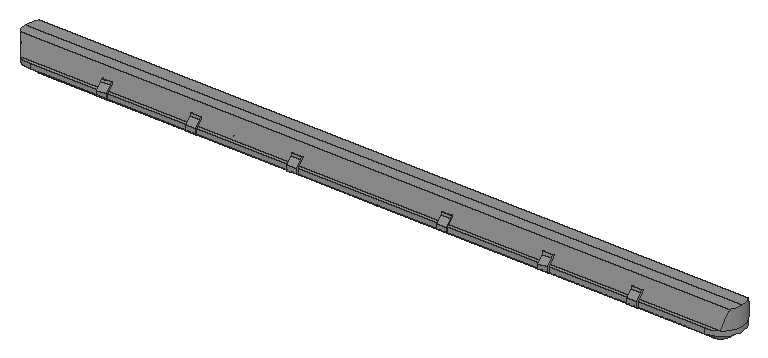
Revit family "ДСП-01 60 Вт 1500", category Осветительные приборы, Revit 2019 (continued)
Parameters (values of type "ДСП-01-ПП-60-1500-4К-IP65")
    7 4.8 4.8 4.8 4.7 4.8 4.8 4.8 4.8 4.8 4.8 4.8\r\n291.7 291.5 291.2 290.8 290.3 289.7 289 288.2 287.3 286.3 285.2 284 282.7 281.4 279.9 278.4 276.7 275 273.1 271.2 269.2 267.2 265 262.8 260.4 258.1 255.5 253 250.3 247.6 244.7 241.9 238.9 236 232.9 229.9 226.7 223.5 220.2 216.9 213.4 209.9 206.3 202.7 198.9 195.1 191.1 187.3 183.3 179.3 175.3 171.4 167.3 163.3 159.3 155.3 151.2 147.2 143.2 139.1 135 130.8 126.7 122.6 118.4 114.3 110.4 106.3 102.4 98.5 94.7 90.9 87.2 83.4 79.7 76.1 72.5 68.9 65.5 61.9 58.5 55 51.6 48.2 45 41.9 39 36.1 33.1 30.2 27.3 24.2 20.9 17.9 16.1 15.1 14.6 13.9 13.2 12.3 11.5 10.7 9.9 9.2 8.6 8 7.4 6.9 6.3 5.9 5.5 5.1 4.8 4.7 4.6 4.5 4.5 4.5 4.5 4.5 4.5 4.5 4.5 4.5 4.5 4.5 4.5 4.5 4.5 4.6 4.5 4.5 4.6 4.6 4.6 4.6 4.6 4.6 4.6 4.6 4.6 4.6 4.6 4.7 4.7 4.7 4.7 4.7 4.7 4.7 4.7 4.7 4.7 4.7 4.7 4.7 4.8 4.8 4.8 4.7 2.4\r\n291.8 291.5 291.2 290.8 290.3 289.7 289 288.2 287.3 286.3 285.2 284 282.7 281.3 279.9 278.4 276.6 274.9 273.1 271.2 269.2 267.1 265 262.7 260.4 258.1 255.5 252.9 250.2 247.5 244.6 241.8 238.8 235.9 232.9 229.8 226.6 223.4 220.1 216.8 213.2 209.7 206 202.4 198.6 194.8 190.8 186.9 182.8 178.9 174.7 170.7 166.6 162.5 158.5 154.4 150.3 146.1 142.1 137.9 133.8 129.6 125.4 121.2 117 112.7 108.6 104.5 100.5 96.6 92.7 88.8 85 81.2 77.5 73.8 70.2 66.5 63 59.5 56 52.6 49.2 45.7 42.5 39.4 36.5 33.6 30.6 27.7 24.8 21.7 18.3 15.6 14.1 13.4 13 12.3 11.5 10.8 10 9.3 8.7 8.1 7.6 7.1 6.5 6 5.6 5.2 4.9 4.6 4.5 4.5 4.5 4.4 4.5 4.5 4.5 4.5 4.5 4.5 4.5 4.5 4.5 4.5 4.5 4.5 4.5 4.5 4.5 4.5 4.5 4.5 4.5 4.5 4.5 4.5 4.6 4.6 4.6 4.6 4.6 4.6 4.6 4.6 4.6 4.6 4.6 4.7 4.7 4.7 4.7 4.7 4.7 4.7 4.7 4.7 4.7 4.7 0\r\n291.8 291.5 291.2 290.8 290.2 289.6 288.9 288 287.1 286.1 284.9 283.7 282.4 281 279.5 278 276.2 274.5 272.6 270.7 268.6 266.5 264.3 262 259.7 257.3 254.7 252.1 249.4 246.7 243.8 241 237.9 234.9 231.8 228.7 225.5 222.3 218.9 215.6 212 208.4 204.6 200.9 196.9 193 189 185.2 181.1 177.2 173.2 169.2 165.1 161 156.8 152.7 148.4 144.2 140.1 135.8 131.7 127.5 123.3 119 114.8 110.4 106.2 102 97.9 93.8 89.8 85.9 82 78.1 74.3 70.5 66.9 63.2 59.7 56.2 52.7 49.3 45.9 42.5 39.2 36.1 33.3 30.3 27.4 24.5 21.7 18.8 15.8 13.4 12.3 11.8 11.3 10.6 10 9.3 8.7 8.1 7.6 7.1 6.6 6.1 5.7 5.3 5 4.8 4.6 4.5 4.4 4.4 4.4 4.4 4.4 4.4 4.5 4.4 4.4 4.4 4.4 4.4 4.4 4.4 4.5 4.4 4.4 4.5 4.4 4.5 4.5 4.5 4.5 4.5 4.5 4.5 4.6 4.5 4.6 4.6 4.6 4.6 4.6 4.6 4.6 4.6 4.6 4.6 4.6 4.7 4.6 4.7 4.7 4.7 4.7 4.7 4.7 4.7 2.4\r\n291.7 291.5 291.1 290.7 290.1 289.4 288.7 287.8 286.9 285.8 284.7 283.4 282 280.6 279.1 277.5 275.8 274 272.1 270.2 268.1 265.9 263.7 261.4 259 256.5 254 251.4 248.6 245.8 242.9 240.1 237 234 230.8 227.7 224.4 221.2 217.8 214.4 210.7 207.1 203.2 199.3 195.3 191.3 187.3 183.4 179.5 175.6 171.6 167.7 163.6 159.5 155.2 150.9 146.6 142.3 138.1 133.8 129.6 125.4 121.2 116.9 112.5 108.2 103.8 99.5 95.2 91 86.9 82.9 79 75 71.2 67.2 63.6 59.8 56.3 52.8 49.4 46 42.7 39.2 35.9 32.8 30 27.1 24.2 21.3 18.6 15.9 13.2 11.2 10.4 10.1 9.6 9 8.4 7.8 7.3 6.8 6.5 6.1 5.6 5.2 4.9 4.7 4.5 4.4 4.4 4.3 4.4 4.4 4.3 4.4 4.4 4.4 4.4 4.4 4.4 4.4 4.4 4.3 4.4 4.4 4.4 4.4 4.4 4.4 4.4 4.4 4.4 4.5 4.4 4.5 4.5 4.5 4.5 4.5 4.5 4.5 4.6 4.5 4.5 4.5 4.5 4.5 4.6 4.6 4.6 4.6 4.6 4.7 4.6 4.7 4.7 4.7 4.7 4.7 4.7\r\n291.8 291.5 291.2 290.7 290.1 289.5 288.7 287.9 286.9 285.9 284.7 283.5 282.1 280.7 279.2 277.6 275.8 274.1 272.2 270.2 268.1 266 263.8 261.5 259.1 256.6 254.1 251.5 248.7 245.9 243.1 240.2 237.2 234.2 231 227.9 224.6 221.3 217.8 214.4 210.8 207.1 203.3 199.5 195.5 191.5 187.5 183.6 179.6 175.6 171.6 167.6 163.5 159.4 155.1 150.9 146.6 142.3 138 133.6 129.3 124.9 120.6 116.3 111.9 107.5 103.2 98.8 94.6 90.3 86.1 81.8 77.8 73.7 69.7 65.7 62 58.2 54.6 51.1 47.7 44.3 41 37.5 34.3 31.1 28.2 25.3 22.5 19.6 16.8 14.3 11.8 10.1 9.3 8.9 8.5 7.9 7.4 6.9 6.5 6.1 5.8 5.4 5.1 4.8 4.6 4.4 4.3 4.3 4.3 4.3 4.3 4.3 4.3 4.3 4.3 4.3 4.3 4.3 4.3 4.3 4.3 4.3 4.3 4.3 4.4 4.3 4.3 4.4 4.4 4.4 4.4 4.4 4.4 4.4 4.5 4.5 4.5 4.5 4.5 4.5 4.5 4.5 4.5 4.5 4.5 4.6 4.6 4.6 4.6 4.6 4.6 4.7 4.6 4.7 4.7 4.7 4.7 4.7 2.4\r\n291.8 291.5 291.2 290.7 290.2 289.5 288.8 287.9 286.9 285.9 284.8 283.5 282.1 280.8 279.2 277.7 275.9 274.2 272.2 270.3 268.2 266.1 263.8 261.6 259.2 256.7 254.2 251.6 248.8 246 243.2 240.4 237.3 234.4 231.2 228.1 224.8 221.4 217.9 214.4 210.8 207.2 203.4 199.6 195.8 191.8 187.8 183.8 179.7 175.7 171.6 167.5 163.4 159.3 155.1 150.9 146.6 142.3 137.9 133.5 129.1 124.5 120.1 115.7 111.3 106.9 102.7 98.2 93.9 89.5 85.2 80.8 76.6 72.3 68.3 64.2 60.5 56.6 53 49.4 46 42.6 39.3 35.9 32.6 29.3 26.4 23.5 20.8 17.8 15.1 12.6 10.5 8.9 8.3 7.8 7.3 6.9 6.5 6 5.8 5.4 5.1 4.8 4.5 4.4 4.3 4.2 4.2 4.2 4.2 4.2 4.2 4.2 4.3 4.3 4.2 4.2 4.2 4.2 4.2 4.3 4.3 4.2 4.3 4.3 4.3 4.3 4.3 4.4 4.4 4.4 4.4 4.4 4.4 4.4 4.4 4.5 4.5 4.5 4.5 4.5 4.5 4.5 4.5 4.5 4.5 4.6 4.5 4.6 4.6 4.6 4.6 4.7 4.7 4.7 4.7 4.7 4.7 4.7 0\r\n291.8 291.6 291.2 290.8 290.2 289.6 288.8 287.9 286.9 285.9 284.7 283.5 282.1 280.7 279.1 277.6 275.7 274 272.1 270.1 268 265.9 263.6 261.3 258.9 256.5 253.9 251.3 248.5 245.8 242.9 240 237 233.9 230.7 227.5 224.2 220.8 217.3 213.9 210.2 206.7 202.9 199.2 195.3 191.4 187.4 183.4 179.3 175.3 171.2 167.1 162.9 158.7 154.4 150.2 145.8 141.4 137 132.5 128.1 123.5 119.1 114.6 110.2 105.6 101.2 96.6 92.2 87.7 83.2 78.7 74.4 70.1 65.9 61.7 57.8 53.8 50 46.3 42.8 39.3 36 32.7 29.4 26.3 23.3 20.5 17.8 15 12.5 10.4 8.8 7.6 7 6.6 6.2 5.9 5.6 5.3 5 4.8 4.6 4.4 4.3 4.2 4.1 4.1 4.1 4.1 4.1 4.1 4.1 4.1 4.1 4.1 4.1 4.1 4.1 4.1 4.1 4.1 4.1 4.1 4.2 4.2 4.2 4.2 4.2 4.3 4.3 4.3 4.3 4.3 4.4 4.4 4.4 4.4 4.4 4.4 4.4 2.2 2.2 2.3 2.3 2.3 2.3 2.3 2.3 2.3 2.3 2.3 2.3 2.3 2.3 2.3 2.3 2.3 2.3 2.4 0\r\n291.9 291.6 291.2 290.8 290.3 289.6 288.8 287.9 286.9 285.9 284.7 283.5 282.1 280.7 279.1 277.5 275.6 273.9 272 270 267.8 265.6 263.4 261.1 258.7 256.2 253.6 251 248.2 245.5 242.7 239.7 236.6 233.5 230.2 227 223.6 220.3 216.7 213.3 209.7 206.1 202.3 198.7 194.8 190.9 187 183 178.9 174.9 170.8 166.6 162.4 158.1 153.8 149.4 144.9 140.4 136.1 131.5 127.1 122.6 118.1 113.5 109 104.3 99.7 95 90.5 85.8 81.3 76.7 72.3 67.8 63.5 59.2 55.1 50.9 47.1 43.2 39.6 36.1 32.7 29.4 26.3 23.2 20.3 17.5 14.9 12.1 9.8 8.1 7 6.3 5.8 5.4 5.1 4.9 4.7 4.5 4.3 4.2 4.1 4 4 4 4 4 4 4 4 4 4 4 4 3.9 3.9 4 4 4 4 4 4 4.1 4.1 4.1 4.1 4.2 4.2 4.2 4.2 4.2 4.3 4.3 4.3 4.3 4.3 4.3 4.4 4.4 4.4 0 0 0 0 0 0 0 0 0 0 0 0 0 0 0 0 0 0 0 0\r\n291.9 291.7 291.3 290.8 290.3 289.6 288.8 288 287 285.9 284.8 283.5 282.1 280.6 279 277.4 275.6 273.9 272 270 267.9 265.8 263.4 261.2 258.7 256.2 253.6 251 248.2 245.5 242.6 239.7 236.6 233.5 230.3 227 223.6 220.3 216.8 213.3 209.7 206.1 202.3 198.6 194.7 190.9 186.9 182.9 178.8 174.7 170.5 166.3 162.1 157.8 153.4 149.1 144.6 140 135.5 131 126.5 121.9 117.3 112.7 108.1 103.4 98.7 94 89.3 84.6 80 75.3 70.8 66.2 61.8 57.4 53.2 49 45 41 37.3 33.7 30.3 27.1 24 21 18.2 15.4 13 10.5 8.5 7.1 6.3 5.7 5.3 5 4.8 4.5 4.4 4.2 4.1 4.1 4 4 4 4 4 4 3.9 3.9 3.9 3.9 3.9 3.9 3.9 3.9 3.9 3.9 4 3.9 3.9 4 4 4 4.1 4.1 4.1 4.2 4.2 4.2 4.2 4.2 4.3 4.3 4.3 4.3 4.3 4.3 4.4 4.4 4.4 2.2 2.2 2.2 2.2 2.2 2.2 2.2 2.2 2.3 0 0 0 0 0 0 0 0 0 0 0\r\n291.9 291.7 291.3 290.9 290.3 289.7 288.9 288 287.1 286 284.8 283.4 282 280.4 278.9 277.3 275.6 273.9 272 270.1 268 265.9 263.5 261.2 258.8 256.3 253.7 251 248.2 245.5 242.6 239.6 236.6 233.5 230.3 227.1 223.7 220.3 216.8 213.3 209.7 206 202.3 198.6 194.6 190.8 186.8 182.8 178.6 174.5 170.3 166.1 161.8 157.5 153.1 148.7 144.2 139.6 135 130.4 125.8 121.2 116.6 111.9 107.2 102.5 97.8 93 88.2 83.3 78.7 73.9 69.2 64.6 60.1 55.6 51.3 47 42.9 38.8 35 31.3 27.9 24.7 21.6 18.8 16 13.4 11.2 8.9 7.1 6.1 5.5 5.1 4.8 4.5 4.4 4.2 4.1 4 4 4 3.9 3.9 3.9 3.9 3.9 3.9 3.9 3.9 3.9 3.8 3.9 3.9 3.8 3.9 3.9 3.9 3.9 3.9 3.9 3.9 4 4 4 4 4.1 4.1 4.1 4.2 4.2 4.2 4.3 4.3 4.3 4.3 4.3 4.3 4.4 4.4 4.4 4.4 4.4 4.5 4.4 4.4 4.5 4.5 4.5 4.5 0 0 0 0 0 0 0 0 0 0 0\r\n292 291.7 291.2 290.7 290.1 289.4 288.6 287.7 286.7 285.6 284.4 283 281.6 280.1 278.5 276.9 275.2 273.4 271.5 269.5 267.4 265.2 262.9 260.6 258.1 255.6 253 250.3 247.5 244.7 241.7 238.8 235.8 232.6 229.4 226.2 222.7 219.3 215.8 212.3 208.6 205 201.2 197.5 193.5 189.6 185.5 181.4 177.3 173.1 168.9 164.6 160.2 155.8 151.2 146.7 142.1 137.5 133 128.3 123.7 118.9 114.2 109.5 104.8 100 95.2 90.4 85.6 80.9 76.3 71.6 66.9 62.1 57.6 53 48.6 44.2 39.9 35.7 31.8 28.2 24.8 21.6 18.6 15.9 13.4 11.2 9.2 7.3 6 5.3 4.9 4.6 4.4 4.3 4.2 4.1 4 4 3.9 3.9 3.9 3.8 3.9 3.9 3.8 3.8 3.8 3.8 3.8 3.8 3.8 3.8 3.8 3.8 3.8 3.8 3.8 3.8 3.9 3.9 3.9 4 4 4 4.1 4.1 4.1 4.2 4.2 4.2 4.3 4.3 4.3 4.3 4.3 4.3 4.4 4.4 4.4 4.4 2.2 2.2 2.2 2.2 2.2 2.2 2.2 2.3 0 0 0 0 0 0 0 0 0 0 0\r\n292 291.6 291.2 290.6 289.9 289.1 288.3 287.3 286.3 285.2 284 282.6 281.1 279.7 278.1 276.4 274.7 272.9 270.9 268.9 266.8 264.6 262.3 259.9 257.5 254.9 252.2 249.5 246.7 243.9 240.9 238 234.9 231.8 228.5 225.2 221.8 218.3 214.8 211.2 207.6 204 200.2 196.4 192.4 188.3 184.2 180.1 175.9 171.7 167.5 163.2 158.7 154.2 149.4 144.8 140 135.4 130.9 126.2 121.5 116.6 111.8 107 102.4 97.6 92.7 87.8 83 78.4 73.9 69.2 64.5 59.7 55 50.4 46 41.4 37 32.6 28.7 25 21.7 18.6 15.7 13 10.8 8.9 7.3 5.7 4.9 4.5 4.3 4.2 4.1 4 4 4 3.9 3.9 3.9 3.8 3.8 3.8 3.8 3.8 3.8 3.7 3.8 3.7 3.8 3.8 3.7 3.8 3.8 3.7 3.8 3.8 3.8 3.8 3.8 3.9 3.9 3.9 4 4 4 4.1 4.1 4.2 4.2 4.2 4.3 4.3 4.3 4.3 4.3 4.4 4.4 4.4 4.4 4.5 0 0 0 0 0 0 0 0 0 0 0 0 0 0 0 0 0 0 0\r\n292 291.7 291.3 290.7 290.1 289.3 288.5 287.5 286.5 285.4 284.2 282.8 281.4 279.9 278.3 276.6 274.8 273 271 269 266.8 264.5 262.2 259.8 257.3 254.8 252 249.3 246.4 243.6 240.6 237.5 234.4 231.3 228 224.6 221.1 217.6 214 210.5 206.8 203.2 199.3 195.5 191.4 187.4 183.2 179.2 175 170.9 166.6 162.3 157.8 153.4 148.7 144.1 139.4 134.7 130.2 125.5 120.8 115.9 111.2 106.5 101.8 97 92.2 87.4 82.7 78 73.4 68.6 63.9 59.1 54.4 49.7 45.2 40.6 36.2 31.9 27.9 24 20.5 17.2 14.3 11.6 9.4 7.7 6.2 5.1 4.5 4.3 4.2 4.1 4 4 3.9 3.9 3.9 3.9 3.9 3.8 3.8 3.8 3.8 3.8 3.7 3.8 3.7 3.7 3.8 3.8 3.8 3.7 3.7 3.7 3.7 3.8 3.8 3.8 3.8 3.9 3.9 3.9 4 4 4 4.1 4.1 4.1 4.2 4.2 2.1 2.1 2.2 2.2 2.2 2.2 2.2 2.2 2.2 2.2 0 0 0 0 0 0 0 0 0 0 0 0 0 0 0 0 0 0 0\r\n292.1 291.8 291.4 290.9 290.2 289.5 288.7 287.8 286.7 285.6 284.4 283.1 281.6 280.1 278.5 276.8 275 273.1 271.1 269 266.8 264.5 262.1 259.7 257.2 254.6 251.8 249.1 246.2 243.2 240.2 237.1 233.9 230.7 227.4 224 220.4 216.9 213.3 209.8 206 202.3 198.4 194.5 190.4 186.4 182.3 178.3 174.2 170 165.7 161.4 156.9 152.6 148 143.4 138.7 134 129.5 124.8 120.1 115.2 110.7 106 101.3 96.4 91.7 87 82.3 77.6 72.9 68 63.3 58.5 53.8 49 44.4 39.8 35.4 31.1 27 23 19.3 15.9 12.9 10.3 8 6.4 5.2 4.5 4.2 4.1 4.1 4 4 4 3.9 3.9 3.9 3.8 3.9 3.8 3.8 3.8 3.7 3.8 3.7 3.8 3.7 3.7 3.8 3.7 3.8 3.7 3.7 3.8 3.7 3.7 3.8 3.8 3.8 3.9 3.9 3.9 4 4 4 4.1 4.1 4.1 4.2 4.2 0 0 0 0 0 0 0 0 0 0 0 0 0 0 0 0 0 0 0 0 0 0 0 0 0 0 0 0 0\r\n"
  Напряжение = "176-264 В"
  Wattage = 47.7979 W
  built-in parameter 1150110 = 1 (stored number, unit not read)
  built-in parameter 1114217 = 0.85 (stored number, unit not read)
  built-in parameter 1150109 = 1 (stored number, unit not read)
  built-in parameter 1150134 = 12
  built-in parameter 1150113 = 1 (stored number, unit not read)
  Lumens = 7100 lm
  built-in parameter 1150115 = 1 (stored number, unit not read)
  built-in parameter 1150105 = 565 (stored number, unit not read)
  built-in parameter 1150137 = (empty or 0)
  Материал рассеивателя = Поликарбонат, прозрачный
  Материал корпуса = Поликарбонат, прозрачный(1)
  Материал клипс = Алюминий
  Коэффициент пульсации = "<5%"
  built-in parameter 1150139 = (empty or 0)
  built-in parameter 1150112 = 1 (stored number, unit not read)
  built-in parameter 1150114 = 1 (stored number, unit not read)
  built-in parameter 1150132 = 2
  Коэффициент мощности = ">0.95\r\n>0.95\r\n>0.95"
  Количество модулей = "1"
  Количество в упаковке = "1"
  Кол-во светодиодов = "150"
  Климатическое исполнение = "УХЛ 1"
  Класс светораспределения по ГОСТ 54350-2011 = "П"
  Класс защиты от поражения током = "I"
  Категория по ограничению яркости = "1"
  built-in parameter 1150102 = (empty or 0)
  built-in parameter 1150138 = (empty or 0)
  built-in parameter 1150107 = 4000 (stored number, unit not read)
  built-in parameter 1150106 = 5.65 (stored number, unit not read)
  built-in parameter 1150104 = 13.8 (stored number, unit not read)
  Dimming Lamp Color Temperature Shift = (empty or 0)
  Color Filter = 16777215
  built-in parameter 1114218 = 1 (stored number, unit not read)
  built-in parameter 1150133 = 10 (stored number, unit not read)
  Индекс цветопередачи = ">80"
  Изготовитель = "INNOLUX"
  Диммирование = "нет"
  Диапазон рабочих температур = "- 40 + 40°C"
  Гарантия = "7 лет"
  Габаритная яркость = ""
  Время импульса пускового тока = "26 мс"
  Вес светильника = "1.7 кг"
  Бренд светодиодов = "EDISON"
  Блок аварийного питания = "нет"
  Артикул = "14 733"
  URL = "http://innolux.pro/katalog/osveshhenie-dlya-obektov-zhkx/dsp-01-60-vt-1500/14733.html"
  ADSK_Размер_Ширина = 95 mm  # constant formula
  ADSK_Размер_Длина = 1490 mm  # constant formula
  ADSK_Размер_Высота = 75 mm  # constant formula
Reference planes
  plane 1 "Ось источника света (В/Н)": y = 0
  plane 2: z = 0
  plane 3 "Ось источника света (Л/П)": x = 0
  plane 4 "Потолок": z = 4000
  plane 5 "Отметка источника света 1": z = 3925
  plane 6: x = -745
  plane 7: x = 745
  plane 8: y = 47.5
  plane 9: y = -47.5
Forms (mm)
  Revolve 1, solid, material "Поликарбонат, прозрачный" <- "Материал рассеивателя"
    sketch origin (0, 0, 3959.714) x (0, -1, 0) y (1, 0, 0)
      loop
        line (0, 732.5) -> (0, -732.5)
        arc (0, -732.5) -> (22.981, -722.981) -> (32.5, -700) r 32.5
        line (32.5, -700) -> (32.5, 0) -> (32.5, 700)
        arc (32.5, 700) -> (22.981, 722.981) -> (0, 732.5) r 32.5
      axis (0, -732.5) -> (0, 732.5)
    angle from 0 to 360
  Sweep 2, solid, material "Поликарбонат, прозрачный(1)" <- "Материал корпуса"
    path origin (0, 0, 3925) x (-1, 0, 0) y (0, -1, 0)
      loop
        arc (700, -35.168) -> (735.168, 0) -> (700, 35.168) r 35.168
        line (700, 35.168) -> (0, 35.168) -> (-700, 35.168)
        arc (-700, 35.168) -> (-735.168, 0) -> (-700, -35.168) r 35.168
        line (-700, -35.168) -> (0, -35.168) -> (700, -35.168)
    profile origin (-350, 35.168, 3925) x (0, 1, 0) y (0, 0, 1)
      loop
        line (0, 26.57) -> (8.339, 26.57) -> (8.339, 36.57) -> (-2.479, 36.57) -> (-2.479, 26.57) -> (0, 26.57)
  Extrusion 3, void
    sketch origin (0, 0, 0) x (0, 1, 0) y (0, 0, 1)
      loop
        line (36.754, 3965) -> (36.754, 3994.151) -> (-38.246, 3994.151) -> (-38.246, 3965) -> (36.754, 3965)
    from -286.87 to 286.659
  Extrusion 4, solid, material "Поликарбонат, прозрачный(1)" <- "Материал корпуса"
    sketch origin (0, 0, 0) x (0, 1, 0) y (0, 0, 1)
      loop
        line (34.877, 3961.57) -> (24.579, 4000) -> (0, 4000) -> (-24.579, 4000) -> (-34.877, 3961.57) -> (0, 3961.57) -> (34.877, 3961.57)
    from -745 to 745
  Extrusion 5, solid, material "Алюминий" <- "Материал клипс"
    sketch origin (155, 0, 0) x (0, -1, 0) y (0, 0, 1)
      loop
        line (-30.541, 3977.752) -> (-32.468, 3978.268) -> (-33.823, 3973.211) -> (-45.464, 3961.57) -> (-45.464, 3951.57) -> (-43.506, 3951.57) -> (-43.506, 3961.57) -> (-31.835, 3972.922) -> (-30.541, 3977.752)
    from -10.514 to 9.518
  Extrusion 6, void
    sketch origin (0, 0, 3925) x (-1, 0, 0) y (0, -1, 0)
      loop
        arc (726.008, 34.877) -> (743.506, 0) -> (726.008, -34.877) r 43.506
        line (726.008, -34.877) -> (745, -34.877) -> (745, 34.877) -> (726.008, 34.877)
      loop
        line (-726.008, 34.877) -> (-745, 34.877) -> (-745, -34.877) -> (-726.008, -34.877)
        arc (-726.008, -34.877) -> (-743.506, 0) -> (-726.008, 34.877) r 43.506
    from 36.57 to 75
  Extrusion 7, solid, material "Алюминий" <- "Материал клипс"
    sketch origin (365, 0, 0) x (0, -1, 0) y (0, 0, 1)
      loop
        line (-30.541, 3977.752) -> (-32.468, 3978.268) -> (-33.823, 3973.211) -> (-45.464, 3961.57) -> (-45.464, 3951.57) -> (-43.506, 3951.57) -> (-43.506, 3961.57) -> (-31.835, 3972.922) -> (-30.541, 3977.752)
    from -10.514 to 9.518
  Extrusion 8, solid, material "Алюминий" <- "Материал клипс"
    sketch origin (550, 0, 0) x (0, -1, 0) y (0, 0, 1)
      loop
        line (-30.541, 3977.752) -> (-32.468, 3978.268) -> (-33.823, 3973.211) -> (-45.464, 3961.57) -> (-45.464, 3951.57) -> (-43.506, 3951.57) -> (-43.506, 3961.57) -> (-31.835, 3972.922) -> (-30.541, 3977.752)
    from -10.514 to 9.518
  Extrusion 9, solid, material "Алюминий" <- "Материал клипс"
    sketch origin (-155, 0, 0) x (0, -1, 0) y (0, 0, -1)
      loop
        line (-30.541, -3977.752) -> (-31.835, -3972.922) -> (-43.506, -3961.57) -> (-43.506, -3951.57) -> (-45.464, -3951.57) -> (-45.464, -3961.57) -> (-33.823, -3973.211) -> (-32.468, -3978.268) -> (-30.541, -3977.752)
    from -10.514 to 9.518
  Extrusion 10, solid, material "Алюминий" <- "Материал клипс"
    sketch origin (-365, 0, 0) x (0, -1, 0) y (0, 0, -1)
      loop
        line (-30.541, -3977.752) -> (-31.835, -3972.922) -> (-43.506, -3961.57) -> (-43.506, -3951.57) -> (-45.464, -3951.57) -> (-45.464, -3961.57) -> (-33.823, -3973.211) -> (-32.468, -3978.268) -> (-30.541, -3977.752)
    from -10.514 to 9.518
  Extrusion 11, solid, material "Алюминий" <- "Материал клипс"
    sketch origin (-550, 0, 0) x (0, -1, 0) y (0, 0, -1)
      loop
        line (-30.541, -3977.752) -> (-31.835, -3972.922) -> (-43.506, -3961.57) -> (-43.506, -3951.57) -> (-45.464, -3951.57) -> (-45.464, -3961.57) -> (-33.823, -3973.211) -> (-32.468, -3978.268) -> (-30.541, -3977.752)
    from -10.514 to 9.518
  Extrusion 12, solid, material "Алюминий" <- "Материал клипс"
    sketch origin (155, 0, 0) x (0, 1, 0) y (0, 0, -1)
      loop
        line (-30.541, -3977.752) -> (-31.835, -3972.922) -> (-43.506, -3961.57) -> (-43.506, -3951.57) -> (-45.464, -3951.57) -> (-45.464, -3961.57) -> (-33.823, -3973.211) -> (-32.468, -3978.268) -> (-30.541, -3977.752)
    from -10.514 to 9.518
  Extrusion 13, solid, material "Алюминий" <- "Материал клипс"
    sketch origin (365, 0, 0) x (0, 1, 0) y (0, 0, -1)
      loop
        line (-30.541, -3977.752) -> (-31.835, -3972.922) -> (-43.506, -3961.57) -> (-43.506, -3951.57) -> (-45.464, -3951.57) -> (-45.464, -3961.57) -> (-33.823, -3973.211) -> (-32.468, -3978.268) -> (-30.541, -3977.752)
    from -10.514 to 9.518
  Extrusion 14, solid, material "Алюминий" <- "Материал клипс"
    sketch origin (550, 0, 0) x (0, 1, 0) y (0, 0, -1)
      loop
        line (-30.541, -3977.752) -> (-31.835, -3972.922) -> (-43.506, -3961.57) -> (-43.506, -3951.57) -> (-45.464, -3951.57) -> (-45.464, -3961.57) -> (-33.823, -3973.211) -> (-32.468, -3978.268) -> (-30.541, -3977.752)
    from -10.514 to 9.518
  Extrusion 15, solid, material "Алюминий" <- "Материал клипс"
    sketch origin (-155, 0, 0) x (0, 1, 0) y (0, 0, 1)
      loop
        line (-30.541, 3977.752) -> (-32.468, 3978.268) -> (-33.823, 3973.211) -> (-45.464, 3961.57) -> (-45.464, 3951.57) -> (-43.506, 3951.57) -> (-43.506, 3961.57) -> (-31.835, 3972.922) -> (-30.541, 3977.752)
    from -10.514 to 9.518
  Extrusion 16, solid, material "Алюминий" <- "Материал клипс"
    sketch origin (-365, 0, 0) x (0, 1, 0) y (0, 0, 1)
      loop
        line (-30.541, 3977.752) -> (-32.468, 3978.268) -> (-33.823, 3973.211) -> (-45.464, 3961.57) -> (-45.464, 3951.57) -> (-43.506, 3951.57) -> (-43.506, 3961.57) -> (-31.835, 3972.922) -> (-30.541, 3977.752)
    from -10.514 to 9.518
  Extrusion 17, solid, material "Алюминий" <- "Материал клипс"
    sketch origin (-550, 0, 0) x (0, 1, 0) y (0, 0, 1)
      loop
        line (-30.541, 3977.752) -> (-32.468, 3978.268) -> (-33.823, 3973.211) -> (-45.464, 3961.57) -> (-45.464, 3951.57) -> (-43.506, 3951.57) -> (-43.506, 3961.57) -> (-31.835, 3972.922) -> (-30.541, 3977.752)
    from -10.514 to 9.518
Cuts and joins
  Extrusion 3, Extrusion 6 cuts Sweep 2
  Extrusion 3 cuts Revolve 1
  Extrusion 6 cuts Extrusion 4
Dimensions and locks
  equal spacing: host sketch curve, plane 3 "Ось источника света (Л/П)", host sketch curve
  equal spacing: host sketch curve, plane 1 "Ось источника света (В/Н)", host sketch curve
  host sketch curve to host sketch curve = 4000 mm  (x2)
  plane 4 "Потолок" to host ceiling = 0 mm
  equal spacing: plane 6, plane 3 "Ось источника света (Л/П)", plane 7
  equal spacing: plane 8, plane 1 "Ось источника света (В/Н)", plane 9
  "ADSK_Размер_Длина": plane 6 to plane 7
  "ADSK_Размер_Ширина": plane 8 to plane 9
  "ADSK_Размер_Высота": plane 5 "Отметка источника света 1" to plane 4 "Потолок"
  aligned and locked: plane 3 "Ось источника света (Л/П)" to imposter light
  aligned and locked: plane 1 "Ось источника света (В/Н)" to imposter light
  aligned and locked: plane 5 "Отметка источника света 1" to imposter light
  aligned and locked: Extrusion 4 to plane 6
  aligned and locked: plane 7 to Extrusion 4
Automatic sketch dimensions
  plane 1 "Ось источника света (В/Н)" to Revolve 1 sketch curve = 0 mm  (x2)
  Revolve 1 sketch curve to plane 3 "Ось источника света (Л/П)" = 0 mm
  Revolve 1 sketch curve to plane 6 = 0 mm
  Revolve 1 sketch curve to plane 7 = 0 mm
  plane 9 to Revolve 1 sketch curve = 15 mm
  Revolve 1 sketch curve to Revolve 1 sketch curve = 12.5 mm
  Revolve 1 sketch curve to plane 7 = 45 mm
  plane 1 "Ось источника света (В/Н)" to Sweep 2 sketch curve = 0 mm
  Sweep 2 sketch curve to plane 3 "Ось источника света (Л/П)" = 0 mm  (x2)
  plane 9 to Sweep 2 sketch curve = 12.332 mm
  Sweep 2 sketch curve to plane 7 = 45 mm
  plane 6 to Sweep 2 sketch curve = 45 mm
  Sweep 2 sketch curve to profile plane = 0 mm
  profile plane to Sweep 2 sketch curve = 2.479 mm
  Sweep 2 sketch curve to profile plane = 8.339 mm
  Sweep 2 sketch curve to plane 5 "Отметка источника света 1" = 26.57 mm
  Sweep 2 sketch curve to Sweep 2 sketch curve = 10 mm
  plane 9 to Extrusion 3 sketch curve = 9.254 mm
  Extrusion 3 sketch curve to plane 8 = 10.746 mm
  plane 4 "Потолок" to Extrusion 3 sketch curve = 35 mm
  plane 4 "Потолок" to Extrusion 3 sketch curve = 5.849 mm
  plane 4 "Потолок" to Extrusion 4 sketch curve = 0 mm
  Extrusion 4 sketch curve to plane 1 "Ось источника света (В/Н)" = 0 mm  (x2)
  plane 9 to Extrusion 4 sketch curve = 22.921 mm
  plane 9 to Extrusion 4 sketch curve = 12.623 mm
  Extrusion 4 sketch curve to plane 8 = 22.921 mm
  Extrusion 4 sketch curve to plane 8 = 12.623 mm
  Extrusion 4 sketch curve to plane 5 "Отметка источника света 1" = 36.57 mm
  Extrusion 5 sketch curve to plane 8 = 2.036 mm
  Extrusion 5 sketch curve to Extrusion 5 sketch curve = 1.958 mm
  Extrusion 5 sketch curve to plane 8 = 13.677 mm
  Extrusion 5 sketch curve to Extrusion 5 sketch curve = 1.355 mm
  Extrusion 5 sketch curve to Extrusion 5 sketch curve = 1.988 mm
  Extrusion 5 sketch curve to Extrusion 5 sketch curve = 1.927 mm
  Extrusion 5 sketch curve to plane 5 "Отметка источника света 1" = 26.57 mm
  Extrusion 5 sketch curve to Extrusion 5 sketch curve = 10 mm
  Extrusion 5 sketch curve to Extrusion 5 sketch curve = 0 mm
  Extrusion 5 sketch curve to Extrusion 5 sketch curve = 11.352 mm
  Extrusion 5 sketch curve to Extrusion 5 sketch curve = 0.289 mm
  Extrusion 6 sketch curve to plane 7 = 0 mm
  plane 1 "Ось источника света (В/Н)" to Extrusion 6 sketch curve = 0 mm  (x2)
  Extrusion 6 sketch curve to plane 6 = 0 mm
  Extrusion 6 sketch curve to plane 7 = 18.992 mm  (x2)
  plane 9 to Extrusion 6 sketch curve = 12.623 mm
  Extrusion 6 sketch curve to Extrusion 6 sketch curve = 26.008 mm
  plane 6 to Extrusion 6 sketch curve = 45 mm
  Extrusion 6 sketch curve to Extrusion 6 sketch curve = 18.992 mm  (x2)
  Extrusion 6 sketch curve to plane 8 = 12.623 mm
  Extrusion 7 sketch curve to plane 8 = 2.036 mm
  Extrusion 7 sketch curve to Extrusion 7 sketch curve = 1.958 mm
  Extrusion 7 sketch curve to plane 8 = 13.677 mm
  Extrusion 7 sketch curve to Extrusion 7 sketch curve = 1.355 mm
  Extrusion 7 sketch curve to Extrusion 7 sketch curve = 1.988 mm
  Extrusion 7 sketch curve to Extrusion 7 sketch curve = 1.927 mm
  Extrusion 7 sketch curve to plane 5 "Отметка источника света 1" = 26.57 mm
  Extrusion 7 sketch curve to Extrusion 7 sketch curve = 10 mm
  Extrusion 7 sketch curve to Extrusion 7 sketch curve = 0 mm
  Extrusion 7 sketch curve to Extrusion 7 sketch curve = 11.352 mm
  Extrusion 7 sketch curve to Extrusion 7 sketch curve = 0.289 mm
  Extrusion 8 sketch curve to plane 8 = 2.036 mm
  Extrusion 8 sketch curve to Extrusion 8 sketch curve = 1.958 mm
  Extrusion 8 sketch curve to plane 8 = 13.677 mm
  Extrusion 8 sketch curve to Extrusion 8 sketch curve = 1.355 mm
  Extrusion 8 sketch curve to Extrusion 8 sketch curve = 1.988 mm
  Extrusion 8 sketch curve to Extrusion 8 sketch curve = 1.927 mm
  Extrusion 8 sketch curve to plane 5 "Отметка источника света 1" = 26.57 mm
  Extrusion 8 sketch curve to Extrusion 8 sketch curve = 10 mm
  Extrusion 8 sketch curve to Extrusion 8 sketch curve = 0 mm
  Extrusion 8 sketch curve to Extrusion 8 sketch curve = 11.352 mm
  Extrusion 8 sketch curve to Extrusion 8 sketch curve = 0.289 mm
  Extrusion 9 sketch curve to plane 8 = 2.036 mm
  Extrusion 9 sketch curve to Extrusion 9 sketch curve = 1.958 mm
  Extrusion 9 sketch curve to plane 8 = 13.677 mm
  Extrusion 9 sketch curve to Extrusion 9 sketch curve = 1.355 mm
  Extrusion 9 sketch curve to Extrusion 9 sketch curve = 1.988 mm
  Extrusion 9 sketch curve to Extrusion 9 sketch curve = 1.927 mm
  plane 4 "Потолок" to Extrusion 9 sketch curve = 21.732 mm
  Extrusion 9 sketch curve to Extrusion 9 sketch curve = 0.516 mm
  Extrusion 9 sketch curve to Extrusion 9 sketch curve = 11.641 mm
  Extrusion 9 sketch curve to Extrusion 9 sketch curve = 0 mm
  Extrusion 9 sketch curve to Extrusion 9 sketch curve = 10 mm
  Extrusion 10 sketch curve to plane 8 = 2.036 mm
  Extrusion 10 sketch curve to Extrusion 10 sketch curve = 1.958 mm
  Extrusion 10 sketch curve to plane 8 = 13.677 mm
  Extrusion 10 sketch curve to Extrusion 10 sketch curve = 1.355 mm
  Extrusion 10 sketch curve to Extrusion 10 sketch curve = 1.988 mm
  Extrusion 10 sketch curve to Extrusion 10 sketch curve = 1.927 mm
  plane 4 "Потолок" to Extrusion 10 sketch curve = 21.732 mm
  Extrusion 10 sketch curve to Extrusion 10 sketch curve = 0.516 mm
  Extrusion 10 sketch curve to Extrusion 10 sketch curve = 11.641 mm
  Extrusion 10 sketch curve to Extrusion 10 sketch curve = 0 mm
  Extrusion 10 sketch curve to Extrusion 10 sketch curve = 10 mm
  Extrusion 11 sketch curve to plane 8 = 2.036 mm
  Extrusion 11 sketch curve to Extrusion 11 sketch curve = 1.958 mm
  Extrusion 11 sketch curve to plane 8 = 13.677 mm
  Extrusion 11 sketch curve to Extrusion 11 sketch curve = 1.355 mm
  Extrusion 11 sketch curve to Extrusion 11 sketch curve = 1.988 mm
  Extrusion 11 sketch curve to Extrusion 11 sketch curve = 1.927 mm
  plane 4 "Потолок" to Extrusion 11 sketch curve = 21.732 mm
  Extrusion 11 sketch curve to Extrusion 11 sketch curve = 0.516 mm
  Extrusion 11 sketch curve to Extrusion 11 sketch curve = 11.641 mm
  Extrusion 11 sketch curve to Extrusion 11 sketch curve = 0 mm
  Extrusion 11 sketch curve to Extrusion 11 sketch curve = 10 mm
  plane 9 to Extrusion 12 sketch curve = 2.036 mm
  Extrusion 12 sketch curve to Extrusion 12 sketch curve = 1.958 mm
  plane 9 to Extrusion 12 sketch curve = 13.677 mm
  Extrusion 12 sketch curve to Extrusion 12 sketch curve = 1.355 mm
  Extrusion 12 sketch curve to Extrusion 12 sketch curve = 1.988 mm
  Extrusion 12 sketch curve to Extrusion 12 sketch curve = 1.927 mm
  plane 4 "Потолок" to Extrusion 12 sketch curve = 21.732 mm
  Extrusion 12 sketch curve to Extrusion 12 sketch curve = 0.516 mm
  Extrusion 12 sketch curve to Extrusion 12 sketch curve = 11.641 mm
  Extrusion 12 sketch curve to Extrusion 12 sketch curve = 0 mm
  Extrusion 12 sketch curve to Extrusion 12 sketch curve = 10 mm
  plane 9 to Extrusion 13 sketch curve = 2.036 mm
  Extrusion 13 sketch curve to Extrusion 13 sketch curve = 1.958 mm
  plane 9 to Extrusion 13 sketch curve = 13.677 mm
  Extrusion 13 sketch curve to Extrusion 13 sketch curve = 1.355 mm
  Extrusion 13 sketch curve to Extrusion 13 sketch curve = 1.988 mm
  Extrusion 13 sketch curve to Extrusion 13 sketch curve = 1.927 mm
  plane 4 "Потолок" to Extrusion 13 sketch curve = 21.732 mm
  Extrusion 13 sketch curve to Extrusion 13 sketch curve = 0.516 mm
  Extrusion 13 sketch curve to Extrusion 13 sketch curve = 11.641 mm
  Extrusion 13 sketch curve to Extrusion 13 sketch curve = 0 mm
  Extrusion 13 sketch curve to Extrusion 13 sketch curve = 10 mm
  plane 9 to Extrusion 14 sketch curve = 2.036 mm
  Extrusion 14 sketch curve to Extrusion 14 sketch curve = 1.958 mm
  plane 9 to Extrusion 14 sketch curve = 13.677 mm
  Extrusion 14 sketch curve to Extrusion 14 sketch curve = 1.355 mm
  Extrusion 14 sketch curve to Extrusion 14 sketch curve = 1.988 mm
  Extrusion 14 sketch curve to Extrusion 14 sketch curve = 1.927 mm
  plane 4 "Потолок" to Extrusion 14 sketch curve = 21.732 mm
  Extrusion 14 sketch curve to Extrusion 14 sketch curve = 0.516 mm
  Extrusion 14 sketch curve to Extrusion 14 sketch curve = 11.641 mm
  Extrusion 14 sketch curve to Extrusion 14 sketch curve = 0 mm
  Extrusion 14 sketch curve to Extrusion 14 sketch curve = 10 mm
  plane 9 to Extrusion 15 sketch curve = 2.036 mm
  Extrusion 15 sketch curve to Extrusion 15 sketch curve = 1.958 mm
  plane 9 to Extrusion 15 sketch curve = 13.677 mm
  Extrusion 15 sketch curve to Extrusion 15 sketch curve = 1.355 mm
  Extrusion 15 sketch curve to Extrusion 15 sketch curve = 1.988 mm
  Extrusion 15 sketch curve to Extrusion 15 sketch curve = 1.927 mm
  Extrusion 15 sketch curve to plane 5 "Отметка источника света 1" = 26.57 mm
  Extrusion 15 sketch curve to Extrusion 15 sketch curve = 10 mm
  Extrusion 15 sketch curve to Extrusion 15 sketch curve = 0 mm
  Extrusion 15 sketch curve to Extrusion 15 sketch curve = 11.352 mm
  Extrusion 15 sketch curve to Extrusion 15 sketch curve = 0.289 mm
  plane 9 to Extrusion 16 sketch curve = 2.036 mm
  Extrusion 16 sketch curve to Extrusion 16 sketch curve = 1.958 mm
  plane 9 to Extrusion 16 sketch curve = 13.677 mm
  Extrusion 16 sketch curve to Extrusion 16 sketch curve = 1.355 mm
  Extrusion 16 sketch curve to Extrusion 16 sketch curve = 1.988 mm
  Extrusion 16 sketch curve to Extrusion 16 sketch curve = 1.927 mm
  Extrusion 16 sketch curve to plane 5 "Отметка источника света 1" = 26.57 mm
  Extrusion 16 sketch curve to Extrusion 16 sketch curve = 10 mm
  Extrusion 16 sketch curve to Extrusion 16 sketch curve = 0 mm
  Extrusion 16 sketch curve to Extrusion 16 sketch curve = 11.352 mm
  Extrusion 16 sketch curve to Extrusion 16 sketch curve = 0.289 mm
  plane 9 to Extrusion 17 sketch curve = 2.036 mm
  Extrusion 17 sketch curve to Extrusion 17 sketch curve = 1.958 mm
  plane 9 to Extrusion 17 sketch curve = 13.677 mm
  Extrusion 17 sketch curve to Extrusion 17 sketch curve = 1.355 mm
  Extrusion 17 sketch curve to Extrusion 17 sketch curve = 1.988 mm
  Extrusion 17 sketch curve to Extrusion 17 sketch curve = 1.927 mm
  Extrusion 17 sketch curve to plane 5 "Отметка источника света 1" = 26.57 mm
  Extrusion 17 sketch curve to Extrusion 17 sketch curve = 10 mm
  Extrusion 17 sketch curve to Extrusion 17 sketch curve = 0 mm
  Extrusion 17 sketch curve to Extrusion 17 sketch curve = 11.352 mm
  Extrusion 17 sketch curve to Extrusion 17 sketch curve = 0.289 mm
Connectors
  electrical at (0, 0, 4000)
    settings: index 1, voltage 0 V, apparent load 0 VA, apparent load phase1 0 VA, apparent load phase2 0 VA, apparent load phase3 0 VA, power factor 1, load classification "Прочее", number of poles 1, system type 31, power factor state 1, is connector primary yes, connector utility no, sub classification motor no, connector description ""
